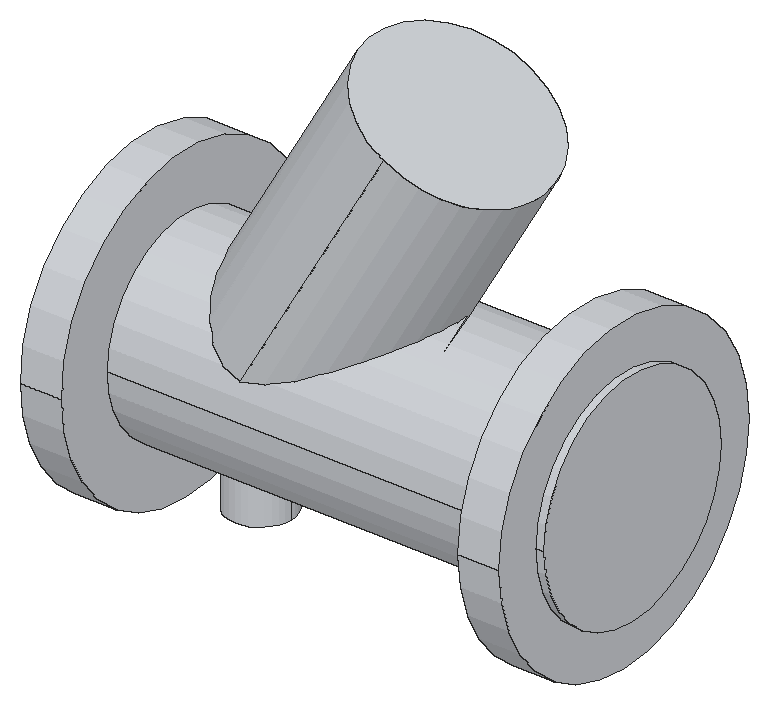
Revit family "HS 821-síto_jemné-PN16-DN100-RFA_2019", category Pipe Accessories, Revit 2019
Family settings
  Round Connector Dimension = Use Diameter
  Part Type = Breaks Into
  Work Plane-Based = No
  Always vertical = Yes
  Cut with Voids When Loaded = No
  Shared = No
Parameters (values of type "821A-DN100-PN16-síto_jemné")
  magiProductId = "c49a648c2747461285837d643703cd"
  magiProductFamilyId = "79214ac3aaa945e397802f559f5c1e"
  magiPartTypeId = 307
  isMeasuringValve [instance] = no
  ang2D [instance] = 0.00°
  ZB__ve = -ZB  # -35 mm
  ZB1 = 63.18 mm
  ZB = 35 mm
  X2 = 114.857 mm
  X1 = 49 mm
  W2D = 15 mm
  VersionID = "2.0/2017.9.26.1/ZETKAMA_821_001"
  Use Minimum Symbol Size [instance] = yes
  URL = "www.hydronix.cz"
  Type Comments = "Filtr přírubový; síto jemné; A-PN16 (-10~300°C); D-PN25 (-10~350°C); F-PN40 (-10~400°C)"
  S = 156 mm
  QmdConnectorList = "301;D;302;D"
  Productdata [instance] = ""
  Manufacturer = "Hydronix"
  MC Product Code = "210 190 (821A; DN100; PN16; kvs206,4; oko síta 0,63mm)"
  LM1 = 28 mm
  LM = 280 mm
  L4 = 87.5 mm
  L2D_Min = 3048 mm
  L2D = 130 mm
  L2 = 175 mm
  HH2 = 198.937 mm
  FD = 220 mm
  Description = "Filtr přírubový; síto jemné; 821A-PN16; 821D-PN25; 821F-PN40"
  DM1 = 131.4 mm
  DM = 140.4 mm
  D = 100 mm
  CC = 5.95 mm
  CAT0 = yes
  C1 = 29.05 mm
  C = 35 mm
  BD = 44.226 mm
Types (40, lengths in mm): name | magiProductId | ZB__ve | ZB1 | ZB | X2 | X1 | S | MC Product Code | LM1 | LM | L4 | L2 | HH2 | FD | DM1 | DM | D | CC | C1 | C | BD
  821A-DN015-PN16-síto_jemné | "a71bcfe8b393460598b23e8ddf7dc5" | -16.25 | 18.63 | 16.25 | 46.982 | 18.2 | 46 | "210 115 (821A; DN015; PN16; kvs6,2; oko síta 0,63mm)" | 10.4 | 104 | 32.5 | 65 | 81.375 | 95 | 27.6 | 41.4 | 15 | 2.21 | 10.79 | 13 | 13.041
  821A-DN020-PN16-síto_jemné | "41cd6c7a12924f4991217528336076" | -17.75 | 22.68 | 17.75 | 51.673 | 21 | 56 | "210 120 (821A; DN020; PN16; kvs9,6; oko síta 0,63mm)" | 12 | 120 | 37.5 | 75 | 89.5 | 105 | 33.6 | 50.4 | 20 | 2.55 | 12.45 | 15 | 15.876
  821A-DN025-PN16-síto_jemné | "be378b463ed14c3abf4c9b3ae8cf3a" | -19.25 | 26.325 | 19.25 | 58.601 | 22.4 | 65 | "210 125 (821A; DN025; PN16; kvs14,2; oko síta 0,63mm)" | 12.8 | 128 | 40 | 80 | 101.5 | 115 | 43.2 | 58.5 | 25 | 2.72 | 13.28 | 16 | 18.427
  821A-DN032-PN16-síto_jemné | "227a0d18b21540afabe8b6067d35fa" | -23 | 30.78 | 23 | 68.849 | 25.2 | 76 | "210 132 (821A; DN032; PN16; kvs23,1; oko síta 0,63mm)" | 14.4 | 144 | 45 | 90 | 119.25 | 140 | 50.4 | 68.4 | 32 | 3.06 | 14.94 | 18 | 21.546
  821A-DN040-PN16-síto_jemné | "d106917c74724141a10440112d0102" | -24.5 | 34.02 | 24.5 | 75.777 | 28 | 84 | "210 140 (821A; DN040; PN16; kvs36,6; oko síta 0,63mm)" | 16 | 160 | 50 | 100 | 131.25 | 150 | 60 | 75.6 | 40 | 3.4 | 16.6 | 20 | 23.814
  821A-DN050-PN16-síto_jemné | "8255d456a09e4f6486734f5dd9171b" | -26.75 | 40.095 | 26.75 | 79.061 | 32.2 | 99 | "210 150 (821A; DN050 PN16; kvs53,7; oko síta 0,63mm)" | 18.4 | 184 | 57.5 | 115 | 136.938 | 165 | 73.8 | 89.1 | 50 | 3.91 | 19.09 | 23 | 28.066
  821A-DN065-PN16-síto_jemné | "235b1b3e4c0843779a4d5e3716d40a" | -29.75 | 47.79 | 29.75 | 86.927 | 40.6 | 118 | "210 165 (821A; DN065; PN16; kvs95,1; oko síta 0,63mm)" | 23.2 | 232 | 72.5 | 145 | 150.562 | 185 | 94.2 | 106.2 | 65 | 4.93 | 24.07 | 29 | 33.453
  821A-DN080-PN16-síto_jemné | "a067f7c5236348ed8c820d16df7214" | -32 | 53.46 | 32 | 104.753 | 43.4 | 132 | "210 180 (821A; DN080; PN16; kvs137,1; oko síta 0,63mm)" | 24.8 | 248 | 77.5 | 155 | 181.438 | 200 | 107.4 | 118.8 | 80 | 5.27 | 25.73 | 31 | 37.422
  821A-DN100-PN16-síto_jemné | "c49a648c2747461285837d643703cd" | -35 | 63.18 | 35 | 114.857 | 49 | 156 | "210 190 (821A; DN100; PN16; kvs206,4; oko síta 0,63mm)" | 28 | 280 | 87.5 | 175 | 198.937 | 220 | 131.4 | 140.4 | 100 | 5.95 | 29.05 | 35 | 44.226
  821A-DN125-PN16-síto_jemné | "bf68e728a163493cbd2a663b26ebdc" | -39.5 | 74.52 | 39.5 | 131.888 | 56 | 184 | "210 191 (821A; DN125; PN16; kvs268,8; oko síta 0,63mm)" | 32 | 320 | 100 | 200 | 228.438 | 250 | 165 | 165.6 | 125 | 6.8 | 33.2 | 40 | 52.164
  821A-DN150-PN16-síto_jemné | "2de770284b654863ae6bc865769dc5" | -44.75 | 85.455 | 44.75 | 155.885 | 67.2 | 211 | "210 192 (821A; DN150; PN16; kvs401,4; oko síta 0,63mm)" | 38.4 | 384 | 120 | 240 | 270 | 285 | 192 | 189.9 | 150 | 8.16 | 39.84 | 48 | 59.818
  821A-DN200-PN16-síto_jemné | "8e5693371ab64aabb29a7f08c76e15" | -53 | 107.73 | 53 | 188.361 | 84 | 266 | "210 193 (821A; DN200; PN16; kvs706,7; oko síta 0,63mm)" | 48 | 480 | 150 | 300 | 326.25 | 340 | 252 | 239.4 | 200 | 10.2 | 49.8 | 60 | 75.411
  821A-DN250-PN16-síto_jemné | "05e37ed948c34047acdd4c42556504" | -62.75 | 129.195 | 62.75 | 255.911 | 102.2 | 319 | "210 194 (821A; DN250; PN16; kvs1229,4; oko síta 0,63mm)" | 58.4 | 584 | 182.5 | 365 | 443.25 | 405 | 309.6 | 287.1 | 250 | 12.41 | 60.59 | 73 | 90.436
  821A-DN300-PN16-síto_jemné | "9ad0af747269428da925480d83ce80" | -71 | 149.85 | 71 | 325.914 | 119 | 370 | "210 195 (821A; DN300; PN16; kvs1902,4; oko síta 0,63mm)" | 68 | 680 | 212.5 | 425 | 564.5 | 460 | 369.6 | 333 | 300 | 14.45 | 70.55 | 85 | 104.895
  821A-DN350-PN16-síto_jemné | "eebc71459bb3451bb4355e7951370a" | -80 | 173.745 | 80 | 356.875 | 137.2 | 429 | "200 196 (821A; DN350; PN16; kvs2611,0; oko síta 0,63mm)" | 78.4 | 784 | 245 | 490 | 618.125 | 520 | 438 | 386.1 | 350 | 16.66 | 81.34 | 98 | 121.621
  821A-DN400-PN16-síto_jemné | "d2f677cb196647e385b2590e7d8abe" | -89 | 194.4 | 89 | 392.237 | 154 | 480 | "210 197 (821A; DN400; PN16; kvs3438,4; oko síta 0,63mm)" | 88 | 880 | 275 | 550 | 679.375 | 580 | 498 | 432 | 400 | 18.7 | 91.3 | 110 | 136.08
  821D-DN015-PN25-síto_jemné | "27ddcbf555414f8ca1fde329bf9087" | -16.25 | 18.63 | 16.25 | 46.982 | 18.2 | 46 | "210 215 (821D; DN015; PN25; kvs6,2; oko síta 0,63mm)" | 10.4 | 104 | 32.5 | 65 | 81.375 | 95 | 27.6 | 41.4 | 15 | 2.21 | 10.79 | 13 | 13.041
  821D-DN020-PN25-síto_jemné | "270e0f14012f47189cd0235c18faee" | -17.75 | 22.68 | 17.75 | 51.673 | 21 | 56 | "210 220 (821D; DN020; PN25; kvs9,6; oko síta 0,63mm)" | 12 | 120 | 37.5 | 75 | 89.5 | 105 | 33.6 | 50.4 | 20 | 2.55 | 12.45 | 15 | 15.876
  821D-DN025-PN25-síto_jemné | "b9a7fb4aa36643878c637d8e1ab992" | -19.25 | 26.325 | 19.25 | 58.601 | 22.4 | 65 | "210 225 (821D; DN025; PN25; kvs14,2; oko síta 0,63mm)" | 12.8 | 128 | 40 | 80 | 101.5 | 115 | 43.2 | 58.5 | 25 | 2.72 | 13.28 | 16 | 18.427
  821D-DN032-PN25-síto_jemné | "6be9a55c4e68400f94eec7e804204c" | -23 | 30.78 | 23 | 68.849 | 25.2 | 76 | "210 232 (821D; DN032; PN25; kvs23,1; oko síta 0,63mm)" | 14.4 | 144 | 45 | 90 | 119.25 | 140 | 50.4 | 68.4 | 32 | 3.06 | 14.94 | 18 | 21.546
  821D-DN040-PN25-síto_jemné | "c54511bd7f584ec2984291479612cb" | -24.5 | 34.02 | 24.5 | 75.777 | 28 | 84 | "210 240 (821D; DN040; PN25; kvs36,6; oko síta 0,63mm)" | 16 | 160 | 50 | 100 | 131.25 | 150 | 60 | 75.6 | 40 | 3.4 | 16.6 | 20 | 23.814
  821D-DN050-PN25-síto_jemné | "5483b1f596b04cd39b23a14a22c90e" | -26.75 | 40.095 | 26.75 | 79.061 | 32.2 | 99 | "210 250 (821D; DN050; PN25; kvs53,7; oko síta 0,63mm)" | 18.4 | 184 | 57.5 | 115 | 136.938 | 165 | 73.8 | 89.1 | 50 | 3.91 | 19.09 | 23 | 28.066
  821D-DN065-PN25-síto_jemné | "767b0f8318e94750bc7a9930ed5b30" | -29.75 | 47.79 | 29.75 | 86.927 | 40.6 | 118 | "210 265 (821D; DN065; PN25; kvs95,1; oko síta 0,63mm)" | 23.2 | 232 | 72.5 | 145 | 150.562 | 185 | 94.2 | 106.2 | 65 | 4.93 | 24.07 | 29 | 33.453
  821D-DN080-PN25-síto_jemné | "e21040fa3cc2404b858198f6b73709" | -32 | 53.46 | 32 | 104.753 | 43.4 | 132 | "210 280 (821D; DN080; PN25; kvs137,1; oko síta 0,63mm)" | 24.8 | 248 | 77.5 | 155 | 181.438 | 200 | 107.4 | 118.8 | 80 | 5.27 | 25.73 | 31 | 37.422
  821D-DN100-PN25-síto_jemné | "175ca87a506b40b3bc6b82f12f33cf" | -37.25 | 63.18 | 37.25 | 114.857 | 49 | 156 | "210 290 (821D; DN100; PN25; kvs206,4; oko síta 0,63mm)" | 28 | 280 | 87.5 | 175 | 198.937 | 235 | 131.4 | 140.4 | 100 | 5.95 | 29.05 | 35 | 44.226
  821D-DN125-PN25-síto_jemné | "77cc98d60da24855999a22dff726b2" | -42.5 | 74.52 | 42.5 | 131.888 | 56 | 184 | "210 291 (821D; DN125; PN25; kvs268,8; oko síta 0,63mm)" | 32 | 320 | 100 | 200 | 228.438 | 270 | 165 | 165.6 | 125 | 6.8 | 33.2 | 40 | 52.164
  821D-DN150-PN25-síto_jemné | "9cf8acfcd15547d68e83172d3abcbe" | -47 | 85.455 | 47 | 155.885 | 67.2 | 211 | "210 292 (821D; DN150; PN25; kvs401,4; oko síta 0,63mm)" | 38.4 | 384 | 120 | 240 | 270 | 300 | 192 | 189.9 | 150 | 8.16 | 39.84 | 48 | 59.818
  821D-DN200-PN25-síto_jemné | "16973f3c9ea14389ba8602495a6b64" | -56 | 110.97 | 56 | 188.361 | 84 | 274 | "210 293 (821D; DN200; PN25; kvs706,7; oko síta 0,63mm)" | 48 | 480 | 150 | 300 | 326.25 | 360 | 252 | 246.6 | 200 | 10.2 | 49.8 | 60 | 77.679
  821F-DN015-PN40-síto_jemné | "4c7eaf3c4c0340888b3e684d8a8616" | -16.25 | 18.225 | 16.25 | 46.982 | 18.2 | 45 | "250 615 (821F; DN015; PN40; kvs6,2; oko síta 0,63mm)" | 10.4 | 104 | 32.5 | 65 | 81.375 | 95 | 27.6 | 40.5 | 15 | 2.21 | 10.79 | 13 | 12.757
  821F-DN020-PN40-síto_jemné | "aaac5f1ec96b44d6ba96ac2293d66d" | -17.75 | 23.49 | 17.75 | 51.673 | 21 | 58 | "250 620 (821F; DN020; PN40; kvs9,6; oko síta 0,63mm)" | 12 | 120 | 37.5 | 75 | 89.5 | 105 | 33.6 | 52.2 | 20 | 2.55 | 12.45 | 15 | 16.443
  821F-DN025-PN40-síto_jemné | "504768023968471481789485b54c7e" | -19.25 | 27.54 | 19.25 | 58.601 | 22.4 | 68 | "250 625 (821F; DN025; PN40; kvs14,2; oko síta 0,63mm)" | 12.8 | 128 | 40 | 80 | 101.5 | 115 | 43.2 | 61.2 | 25 | 2.72 | 13.28 | 16 | 19.278
  821F-DN032-PN40-síto_jemné | "165e7f39cf744f329bdf1c400dad12" | -23 | 31.59 | 23 | 68.849 | 25.2 | 78 | "250 632 (821F; DN032; PN40; kvs23,1; oko síta 0,63mm)" | 14.4 | 144 | 45 | 90 | 119.25 | 140 | 50.4 | 70.2 | 32 | 3.06 | 14.94 | 18 | 22.113
  821F-DN040-PN40-síto_jemné | "b8903f952089408fbf3a5a632bab1f" | -24.5 | 35.64 | 24.5 | 75.777 | 28 | 88 | "250 640 (821F; DN040; PN40; kvs36,6; oko síta 0,63mm)" | 16 | 160 | 50 | 100 | 131.25 | 150 | 60 | 79.2 | 40 | 3.4 | 16.6 | 20 | 24.948
  821F-DN050-PN40-síto_jemné | "c451f97266fe48da8f879cb6a2bd44" | -26.75 | 41.31 | 26.75 | 79.061 | 32.2 | 102 | "250 650 (821F; DN050; PN40; kvs53,7; oko síta 0,63mm)" | 18.4 | 184 | 57.5 | 115 | 136.938 | 165 | 73.8 | 91.8 | 50 | 3.91 | 19.09 | 23 | 28.917
  821F-DN065-PN40-síto_jemné | "dc9821e3f9b34e128f6a8c6b34c198" | -29.75 | 49.41 | 29.75 | 86.927 | 40.6 | 122 | "250 665 (821F; DN065; PN40; kvs95,1; oko síta 0,63mm)" | 23.2 | 232 | 72.5 | 145 | 150.562 | 185 | 94.2 | 109.8 | 65 | 4.93 | 24.07 | 29 | 34.587
  821F-DN080-PN40-síto_jemné | "689aa1e260f84cf4994f027a1d86b5" | -32 | 55.89 | 32 | 104.753 | 43.4 | 138 | "250 680 (821F; DN080; PN40; kvs137,1; oko síta 0,63mm)" | 24.8 | 248 | 77.5 | 155 | 181.438 | 200 | 107.4 | 124.2 | 80 | 5.27 | 25.73 | 31 | 39.123
  821F-DN100-PN40-síto_jemné | "8a45d4e8e2ab425f8c432f21d684f3" | -37.25 | 65.61 | 37.25 | 114.857 | 49 | 162 | "250 690 (821F; DN100; PN40; kvs206,4; oko síta 0,63mm)" | 28 | 280 | 87.5 | 175 | 198.937 | 235 | 131.4 | 145.8 | 100 | 5.95 | 29.05 | 35 | 45.927
  821F-DN125-PN40-síto_jemné | "cf073904c006406b8645afa67ea2fc" | -42.5 | 76.14 | 42.5 | 131.888 | 56 | 188 | "250 691 (821F; DN125; PN40; kvs268,8; oko síta 0,63mm)" | 32 | 320 | 100 | 200 | 228.438 | 270 | 165 | 169.2 | 125 | 6.8 | 33.2 | 40 | 53.298
  821F-DN150-PN40-síto_jemné | "0153b9ddabe14992a630484929fdbc" | -47 | 88.29 | 47 | 155.885 | 67.2 | 218 | "250 692 (821F; DN150; PN40; kvs401,4; oko síta 0,63mm)" | 38.4 | 384 | 120 | 240 | 270 | 300 | 192 | 196.2 | 150 | 8.16 | 39.84 | 48 | 61.803
  821F-DN200-PN40-síto_jemné | "7fb3fc01dd8d42428c203e3f8dd4d5" | -56 | 115.425 | 56 | 188.361 | 84 | 285 | "250 693 (821F; DN200; PN40; kvs706,7; oko síta 0,63mm)" | 48 | 480 | 150 | 300 | 326.25 | 360 | 252 | 256.5 | 200 | 10.2 | 49.8 | 60 | 80.797
Reference planes
  plane 1 "Center (Front/Back)": y = 0
  plane 2 "XYPLANE": z = 0
  plane 3 "Center (Left/Right)": x = 0
  plane 4 "109": x = -112
  plane 5 "108": x = 140
  plane 6 "107": x = -140
  plane 7 "105": x = 175
  plane 8 "104": x = -175
  plane 9 "103": y = 0
  plane 10 "102": z = 0
  plane 11 "101": x = -169.05
  plane 12 "100": x = 169.05
  plane 13 "11": x = -63
  plane 14 "10": z = 198.937
  plane 15 "9": x = 51.857
  plane 16 "5": z = -63.18
  plane 17 "4": x = -87.5
  plane 18 "1": x = 87.5
Forms (mm)
  Extrusion 1, solid, visible <- "CAT0"
    sketch origin (-140, -750, 0) x (0, 1, 0) y (0, 0, 1)
      loop
        circle (750, 0) r 70.2
    from 0 to 280 <- "LM"
  Extrusion 2, solid
    sketch origin (-175, -750, 0) x (0, 1, 0) y (0, 0, 1)
      loop
        circle (750, 0) r 78
    from 0 to 5.95 <- "CC"
  Extrusion 3, solid
    sketch origin (-169.05, -750, 0) x (0, 1, 0) y (0, 0, 1)
      loop
        circle (750, 0) r 110
    from 0 to 29.05 <- "C1"
  Extrusion 4, solid
    sketch origin (140, -750, 0) x (0, 1, 0) y (0, 0, 1)
      loop
        circle (750, 0) r 110
    from 0 to 29.05 <- "C1"
  Extrusion 5, solid
    sketch origin (169.05, -750, 0) x (0, 1, 0) y (0, 0, 1)
      loop
        circle (750, 0) r 78
    from 0 to 5.95 <- "CC"
  Sweep 6, solid, visible <- "CAT0"
    path origin (750, 0, 0) x (-1, 0, 0) y (0, 0, 1)
      loop
        line (890, 0) -> (813, 0) -> (698.143, 198.937)
    profile origin (-140, 0, 0) x (0, 0, -1) y (0, 1, 0)
      loop
        circle (0, 0) r 65.7
  Extrusion 7, solid, visible <- "CAT0"
    sketch origin (-750, 0, -63.18) x (1, 0, 0) y (0, 1, 0)
      loop
        circle (662.5, 0) r 22.113
    from 0 to -35 <- "ZB__ve"
  Extrusion 8, solid, visible <- "CAT0"
    sketch origin (-750, 0, -63.18) x (1, 0, 0) y (0, 1, 0)
      loop
        circle (837.5, 0) r 22.113
    from 0 to -35 <- "ZB__ve"
  Extrusion 9, solid, not visible
    sketch origin (175, -750, 0) x (0, 1, 0) y (0, 0, 1)
      loop
        circle (750, 0) r 10
    from 0 to -10
  Extrusion 10, solid, not visible
    sketch origin (-175, -750, 0) x (0, 1, 0) y (0, 0, 1)
      loop
        circle (750, 0) r 10
    from 0 to 10
Lines and regions (mm)
  reference lines, not visible
    curve 1: circle (2, 2, 0) r 1 normal (0, 0, 1)
Dimensions and locks
  plane 1 "Center (Front/Back)" to curve 1 = 2 mm
  "LM1": plane 6 "107" to plane 4 "109"
  "LM": plane 6 "107" to plane 5 "108"
  "C": plane 8 "104" to plane 6 "107"
  "L2": plane 3 "Center (Left/Right)" to plane 7 "105"
  "L2": plane 3 "Center (Left/Right)" to plane 8 "104"
  locked: plane 1 "Center (Front/Back)" to plane 9 "103"
  locked: plane 2 "XYPLANE" to plane 10 "102"
  "CC": plane 8 "104" to plane 11 "101"
  "C1": plane 5 "108" to plane 12 "100"
  "X1": plane 4 "109" to plane 13 "11"
  "HH2": plane 2 "XYPLANE" to plane 14 "10"
  "X2": plane 13 "11" to plane 15 "9"
  "ZB1": plane 2 "XYPLANE" to plane 16 "5"
  "L4": plane 8 "104" to plane 17 "4"
  "L2": plane 17 "4" to plane 18 "1"
  Sweep 6 sketch curve to Sweep 6 sketch curve = 0 mm  (x2)
  "DM": diameter of Extrusion 1 sketch curve
  "S": diameter of Extrusion 2 sketch curve
  "FD": diameter of Extrusion 3 sketch curve
  "FD": diameter of Extrusion 4 sketch curve
  "S": diameter of Extrusion 5 sketch curve
  "DM1": diameter of Sweep 6 sketch curve
  "BD": diameter of Extrusion 7 sketch curve
  "BD": diameter of Extrusion 8 sketch curve
  aligned and locked: level to plane 2 "XYPLANE"
  aligned and locked: Extrusion 1 sketch curve to plane 9 "103"
  aligned and locked: plane 10 "102" to Extrusion 1 sketch curve
  aligned and locked: Extrusion 2 sketch curve to plane 9 "103"
  aligned and locked: plane 10 "102" to Extrusion 2 sketch curve
  aligned and locked: Extrusion 3 sketch curve to plane 9 "103"
  aligned and locked: plane 10 "102" to Extrusion 3 sketch curve
  aligned and locked: Extrusion 4 sketch curve to plane 9 "103"
  aligned and locked: plane 10 "102" to Extrusion 4 sketch curve
  aligned and locked: Extrusion 5 sketch curve to plane 9 "103"
  aligned and locked: plane 10 "102" to Extrusion 5 sketch curve
  aligned and locked: Sweep 6 sketch curve to plane 9 "103"
  aligned and locked: plane 10 "102" to Sweep 6 sketch curve  (x3)
  aligned and locked: plane 6 "107" to Sweep 6 sketch curve
  aligned and locked: plane 13 "11" to Sweep 6 sketch curve
  aligned and locked: plane 14 "10" to Sweep 6 sketch curve
  aligned and locked: plane 15 "9" to Sweep 6 sketch curve
  aligned and locked: plane 9 "103" to Extrusion 7 sketch curve
  aligned and locked: plane 17 "4" to Extrusion 7 sketch curve
  aligned and locked: plane 9 "103" to Extrusion 8 sketch curve
  aligned and locked: plane 18 "1" to Extrusion 8 sketch curve
  aligned and locked: Extrusion 9 sketch curve to plane 9 "103"
  aligned and locked: plane 10 "102" to Extrusion 9 sketch curve
  aligned and locked: Extrusion 10 sketch curve to plane 9 "103"
  aligned and locked: plane 10 "102" to Extrusion 10 sketch curve
Automatic sketch dimensions
  plane 1 "Center (Front/Back)" to Extrusion 9 sketch curve = 10 mm
  plane 1 "Center (Front/Back)" to Extrusion 10 sketch curve = 10 mm
  plane 3 "Center (Left/Right)" to curve 1 = 2 mm
  radius of curve 1 = 1 mm
Connectors
  piping at (-175, 0, 0), diameter 100, driven by "D"
    settings: on Extrusion 10, index 1, connector inside diameter 609.6 mm, connector length 0 mm, flow factor 0, pipe flow 0.0 L/s, pressure drop 0.0 Pa, fitting loss kfactor 0, connector angle 0.00°, fixture units 0, engagement length 0 mm, angle of deflection 0.00°, flow configuration 0, flow direction 0, fitting loss method 0, system type 29, joint type 0, gender type 0, connector reference index 2, connector utility 0, adjustable connector no, is connector primary yes, connector description ""
  piping at (175, 0, 0), diameter 100, driven by "D"
    settings: on Extrusion 9, index 2, connector inside diameter 609.6 mm, connector length 0 mm, flow factor 0, pipe flow 0.0 L/s, pressure drop 0.0 Pa, fitting loss kfactor 0, connector angle 0.00°, fixture units 0, engagement length 0 mm, angle of deflection 0.00°, flow configuration 0, flow direction 0, fitting loss method 0, system type 29, joint type 0, gender type 0, connector reference index 1, connector utility 0, adjustable connector no, is connector primary no, connector description ""
